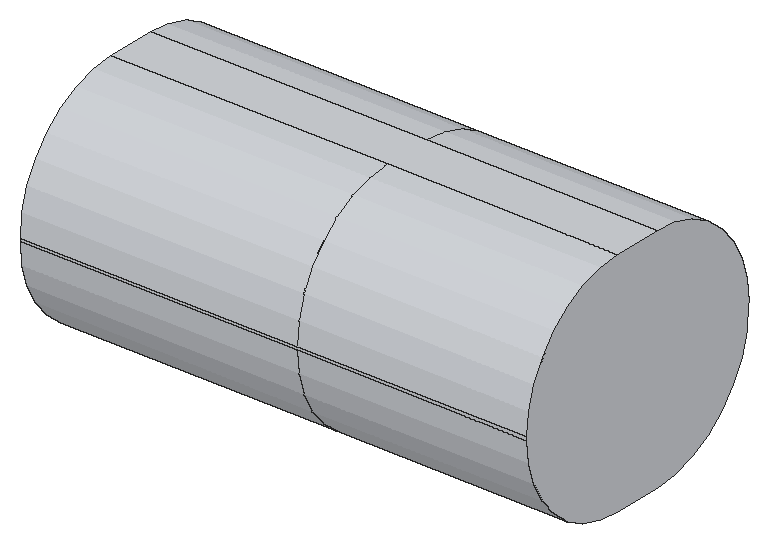
Revit family "M_Torneira oval - Reta", category Conexões de duto, Revit 2019
Family settings
  Cota do conector redondo = Utilizar diâmetro
  Tipo de parte = Derivação - Ajustável
  Número OmniClass = 23.75.70.14
  Título OmniClass = Air Ductwork
  ID de item do Seek = Oval Tap - Straight-0000-CAN-ENU
  Com base no plano de trabalho = Não
  Sempre na vertical = Sim
  Corte com vazios quando carregada = Não
  Compartilhado = Não
Parameters (values of type "Padrão")
  Largura do duto 2 [instance] = 300 mm
  Largura do duto 1 [instance] = Largura do duto 2  # 300 mm
  built-in parameter 1114215 [instance] = if(Largura do duto 2 > 400 mm, Largura do duto 2 * Multiplicador de comprimento, 100 mm)  # 0.32808 (stored number, unit not read)
  Multiplicador de comprimento [instance] = 0.25
  Altura do duto 2 [instance] = 250 mm
  Altura do duto 1 [instance] = Altura do duto 2  # 250 mm
  built-in parameter 1114214 [instance] = 300 mm
  built-in parameter 1114213 [instance] = 250 mm
  Assembly Code = ""
Reference planes
  plane 1 "Centro (Frente/Trás)": y = 0
  plane 2: z = 0
  plane 3 "Centro (Esquerda/Direita)": x = 0
  plane 4: x = 250
  plane 5: x = -300
  plane 6: z = 125
  plane 7: z = -125
  plane 8: y = -150
  plane 9: y = 150
  plane 10: y = 152.4
  plane 11: y = -152.4
  plane 12: z = 127
  plane 13: z = -127
  plane 14: y = -152.4
  plane 15: z = 127
  plane 16: y = 152.4
  plane 17: z = -127
Forms (mm)
  Sweep 1, solid, detail levels medium+fine
    path in 3D
      loop
        line (-300, 0, 0) -> (0, 0, 0)
    profile "M_Duto - Oval : Duto - Oval 1" origin (-150, 0, 0) x (0, 1, 0) y (0, 0, 1)
      loop
        line (-150, 1.588) -> (-150, -1.587)
        arc (-150, -1.587) -> (-113.853, -88.853) -> (-26.587, -125) r 123.413
        line (-26.587, -125) -> (26.588, -125)
        arc (26.588, -125) -> (113.853, -88.853) -> (150, -1.587) r 123.413
        line (150, -1.587) -> (150, 1.587)
        arc (150, 1.587) -> (113.853, 88.853) -> (26.588, 125) r 123.413
        line (26.588, 125) -> (-26.587, 125)
        arc (-26.587, 125) -> (-113.853, 88.853) -> (-150, 1.588) r 123.413
  SweptBlend 2, solid, detail levels medium+fine
    path in 3D
      loop
        line (0, 0, 0) -> (250, 0, 0)
    profile "M_Duto - Oval : Duto - Oval 1" origin (0, 0, 0) x (0, 1, 0) y (0, 0, 1)
      loop
        line (-150, 1.588) -> (-150, -1.587)
        arc (-150, -1.587) -> (-113.853, -88.853) -> (-26.587, -125) r 123.413
        line (-26.587, -125) -> (26.588, -125)
        arc (26.588, -125) -> (113.853, -88.853) -> (150, -1.587) r 123.413
        line (150, -1.587) -> (150, 1.587)
        arc (150, 1.587) -> (113.853, 88.853) -> (26.588, 125) r 123.413
        line (26.588, 125) -> (-26.587, 125)
        arc (-26.587, 125) -> (-113.853, 88.853) -> (-150, 1.588) r 123.413
    end profile "M_Duto - Oval : Duto - Oval 2" origin (250, 0, 0) x (0, 1, 0) y (0, 0, 1)
      loop
        line (-150, 1.588) -> (-150, -1.587)
        arc (-150, -1.587) -> (-113.853, -88.853) -> (-26.587, -125) r 123.413
        line (-26.587, -125) -> (26.588, -125)
        arc (26.588, -125) -> (113.853, -88.853) -> (150, -1.587) r 123.413
        line (150, -1.587) -> (150, 1.587)
        arc (150, 1.587) -> (113.853, 88.853) -> (26.588, 125) r 123.413
        line (26.588, 125) -> (-26.587, 125)
        arc (-26.587, 125) -> (-113.853, 88.853) -> (-150, 1.588) r 123.413
Cuts and joins
  joined: Sweep 1, SweptBlend 2
Lines and regions (mm)
  model lines, style "DuctFitting", not visible, detail levels coarse
    curve 1: line (0, 0, 0) -> (250, 0, 0)
  reference lines
    curve 2: line (-300, 0, 0) -> (0, 0, 0)
  sketch lines
    curve 3: line (-300, 0, 0) -> (0, 0, 0)
    curve 4: line (0, 0, 0) -> (250, 0, 0)
Dimensions and locks
  "built-in parameter 1114213": plane 3 "Centro (Esquerda/Direita)" to plane 4
  "built-in parameter 1114214": plane 5 to plane 3 "Centro (Esquerda/Direita)"
  equal spacing: plane 6, level, plane 7
  equal spacing: plane 12, level, plane 13
  equal spacing: plane 15, level, plane 17
  equal spacing: plane 9, plane 1 "Centro (Frente/Trás)", plane 8
  equal spacing: plane 10, plane 1 "Centro (Frente/Trás)", plane 11
  equal spacing: plane 16, plane 1 "Centro (Frente/Trás)", plane 14
  "Largura do duto 1": plane 9 to plane 8
  "Altura do duto 1": plane 6 to plane 7
  aligned and locked: plane 3 "Centro (Esquerda/Direita)" to curve 1
  aligned and locked: plane 1 "Centro (Frente/Trás)" to curve 1
  aligned and locked: plane 3 "Centro (Esquerda/Direita)" to curve 2
  aligned and locked: plane 5 to curve 2
  aligned and locked: plane 1 "Centro (Frente/Trás)" to curve 2
Automatic sketch dimensions
  curve 1 to plane 4 = 0 mm
Connectors
  hvac at (0, 0, 0), driven by "Altura do duto 2", driven by "Largura do duto 2"
    settings: on Sweep 1, index 1, duct flow 0.0 L/s, flow factor 0, pres drop 0.0 Pa, loss coef 0, conn angle 0.00°, conn width 300 mm, conn height 250 mm, conn diameter 609.6 mm, duct sys type 28, conn prof type 2, flow config 0, flow direction 0, loss method 0, conn ref index 2, conn util no, is conn primary yes, conn desc ""
  hvac at (250, 0, 0), driven by "Altura do duto 2", driven by "Largura do duto 2"
    settings: on SweptBlend 2, index 2, duct flow 0.0 L/s, flow factor 0, pres drop 0.0 Pa, loss coef 0, conn angle 0.00°, conn width 300 mm, conn height 250 mm, conn diameter 609.6 mm, duct sys type 28, conn prof type 2, flow config 0, flow direction 0, loss method 0, conn ref index 1, conn util no, is conn primary no, conn desc ""
